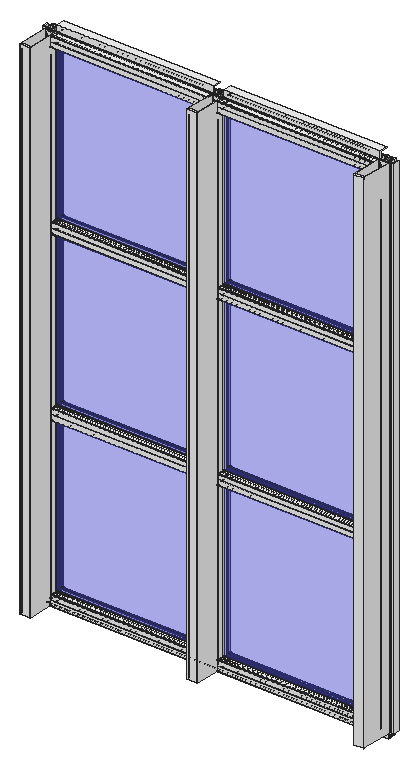
Revit family "Facade_60_Curtain_Wall_E23_Custom", category Windows, host Wall, Revit 2014
Parameters (values of type "F60-E23-Custom")
  Windload Design [instance] = if(Custom Windload < 1001 mm, 1000 mm, if(Custom Windload < 1501 mm, 1500 mm, 2000 mm))  # 1000 mm
  Width [instance] = if(Custom Curtain Wall Width < Limit Door Width Min, Limit Door Width Min, if(Custom Curtain Wall Width > Limit Door Width Max, Limit Door Width Max, Custom Curtain Wall Width))  # 2000 mm
  Wall Thickness [instance] = 200 mm
  Vertical Profile Length [instance] = Height - Frame Bottom Gap  # 2970 mm
  URL = "http://www.crealco.co.za/crealco-products.php"
  Type Comments = ""
  Transom Vertical Spacing [instance] = (Height - Frame Bottom Gap - (4 mm * 60)) / 3  # 910 mm
  Top Transom Top Gap [instance] = Transom Vertical Spacing + 60 mm  # 970 mm
  Top Profile Overhang = 5.9 mm  # constant formula
  Thermal Resistance (R) [instance] = if(IGDB or SAGDB Number = 100100, 1.0000 (m²·K)/W / Intruderprufe U Value, if(IGDB or SAGDB Number = 100100, 1.0000 (m²·K)/W / Intruderprufe U Value, if(IGDB or SAGDB Number = 105003, 1.0000 (m²·K)/W / Intruderprufe Insulated U Value, if(IGDB or SAGDB Number = 105004, 1.0000 (m²·K)/W / Intruderprufe Insulated LowE U Value, 1.0000 (m²·K)/W / 7.9)))) * 1  # 0.126582 (m²·K)/W
  Thermal Break Material = Plastic, Opaque Black
  Solar Heat Gain Coefficient [instance] = if(IGDB or SAGDB Number = 100100, Intruderprufe SHGC Value, if(IGDB or SAGDB Number = 103200, Intruderprufe LowE SHGC Value, if(IGDB or SAGDB Number = 105003, Intruderprufe Insulated SHGC Value, if(IGDB or SAGDB Number = 105004, Intruderprufe Insulated LowE SHGC Value, 0))))  # 0
  Single Glazing [instance] = if(DG Forced, 1 = 0, not(Double Glazing))  # no
  Sill Height = 85 mm  # constant formula
  SG Forced [instance] = not(DG Forced)  # no
  Quarter Expansion Break = yes
  Overall Width [instance] = 2000 mm
  Overall Height [instance] = 3000 mm
  Mullion Side Gap [instance] = (Width / 2) - 30 mm  # 970 mm
  Mullion Configuration [instance] = if(Windload Design = 1000 mm, if(not(Height > 2490 mm), 1 mm, if(and(not(Height > 4990 mm), not(Width > 1790 mm)), 2 mm, 3 mm)), if(Windload Design = 1500 mm, if(Height > 2490 mm, 3 mm, if(Width > 2990 mm, 2 mm, 1 mm)), if(Height > 2490 mm, 3 mm, if(Width > 1790 mm, 2 mm, 1 mm))))  # 3 mm
  Model = "Facade 60"
  Half Expansion Break = no
  Bottom Transom Bottom Gap [instance] = Transom Vertical Spacing + 30 mm + 60 mm  # 1000 mm
  Mid Glazing Bottom Gap [instance] = Frame Bottom Gap + 60 mm + Transom Vertical Spacing + 39.8 mm  # 1039.8 mm
  Max System DG Unit Thickness = 25 mm  # constant formula
  Max System DG One Piece Thickness [instance] = rounddown((Max System DG Unit Thickness - DG Gasket Thickness) / 2 mm) * 1 mm  # 6 mm
  Max Pane Area [instance] = Glazing Width * Glazing Height  # 0.90326 m²
  Manufacturer = "Crealco"
  Limit Door Width Min = (2 * Limit Panel Width Min) + (2 * Glazing Side Gap) + 19.6 mm  # 699.2 mm
  Limit Door Width Max = (2 * Limit Panel Width Max) + (2 * Glazing Side Gap) + 19.6 mm  # 6099.2 mm
  Limit Door Height Min = (3 * Limit Panel Height Min) + 69.8 mm + (2 mm * 19.6) + 39.8 mm  # 1048.8 mm
  Limit Door Height Max = (3 * Limit Panel Height Max) + 69.8 mm + (2 mm * 19.6) + 39.8 mm  # 18148.8 mm
  Limit Panel Width Min = 300 mm  # constant formula
  Limit Panel Width Max = 3000 mm  # constant formula
  Limit Panel Height Min = 300 mm  # constant formula
  Limit Panel Height Max = 6000 mm  # constant formula
  Sill Length [instance] = Width  # 2000 mm
  Length Sill [instance] = Width  # 2000 mm
  Keynote = ""
  Jamb Width = 60 mm  # constant formula
  Intruderprufe U Value = 0
  Intruderprufe SHGC Value = 0
  Intruderprufe LowE U Value = 0
  Intruderprufe LowE SHGC Value = 0
  Intruderprufe Insulated U Value = 0
  Intruderprufe Insulated SHGC Value = 0
  Intruderprufe Insulated LowE U Value = 0
  Intruderprufe Insulated LowE SHGC Value = 0
  Horizontal Profile Length [instance] = (Width - (2 * Jamb Width) - 60 mm) / 2  # 910 mm
  Glazing Width [instance] = Horizontal Profile Length + (2 mm * 20.2)  # 950.4 mm
  Glazing Top Gap = 39.8 mm  # constant formula
  Glazing Side Gap = 39.8 mm  # constant formula
  Glazing Height [instance] = (Height - Glazing Top Gap - Glazing Bottom Gap - (2 * (60 mm - 20.2 mm - 20.2 mm))) / 3  # 950.4 mm
  Glazing Gap SG [instance] = (14 mm - SG Thickness) / 2  # 5 mm
  Glazing Gap DG [instance] = (28 mm - (DG Thickness + DG Thickness + DG Gasket Thickness)) / 2  # 4 mm
  Glazing Bottom Gap = 69.8 mm  # constant formula
  Frame Thickness = 101.8 mm  # constant formula
  Frame Bottom Gap = 30 mm  # constant formula
  Door Leaf Height [instance] = 2050 mm
  Double Glazing [instance] = yes
  DG Thickness Calc [instance] = if(not(Max Pane Area > 1.125 m²), 4 mm, if(not(Max Pane Area > 2.25 m²), 4 mm, if(not(Max Pane Area > 3.15 m²), 5 mm, if(not(Max Pane Area > 4.35 m²), 6 mm, if(not(Max Pane Area > 6.45 m²), 8 mm, 10 mm)))))  # 4 mm
  DG Thickness [instance] = if(IGDB or SAGDB Number = 105003, 6 mm, if(IGDB or SAGDB Number = 105004, 7 mm, if(DG Thickness Calc > Max System DG One Piece Thickness, Max System DG One Piece Thickness, DG Thickness Calc)))  # 4 mm
  DG Gasket Thickness = 12 mm  # constant formula
  DG Gasket Finish [instance] = Double Glazing Gasket Material
  DG Forced [instance] = if(IGDB or SAGDB Number = 100100, 1 = 0, if(IGDB or SAGDB Number = 103200, 1 = 0, if(IGDB or SAGDB Number = 105003, 1 = 1, if(IGDB or SAGDB Number = 105004, 1 = 1, Double Glazing))))  # yes
  IGDB or SAGDB Number [instance] = 0
  Height [instance] = if(Custom Curtain Wall Height < Limit Door Height Min, Limit Door Height Min, if(Custom Curtain Wall Height > Limit Door Height Max, Limit Door Height Max, Custom Curtain Wall Height))  # 3000 mm
  Heat Transfer Coefficient (U) [instance] = if(IGDB or SAGDB Number = 100100, Intruderprufe U Value, if(IGDB or SAGDB Number = 103200, Intruderprufe LowE U Value, if(IGDB or SAGDB Number = 105003, Intruderprufe Insulated U Value, if(IGDB or SAGDB Number = 105004, Intruderprufe Insulated LowE U Value, 7.9)))) * 1.0000 W/(m²·K)  # 7.9000 W/(m²·K)
  SG Thickness [instance] = if(IGDB or SAGDB Number = 100100, 6 mm, if(IGDB or SAGDB Number = 103200, 7 mm, if(not(Max Pane Area > 0.75 m²), 4 mm, if(not(Max Pane Area > 1.50 m²), 4 mm, if(not(Max Pane Area > 2.10 m²), 5 mm, if(not(Max Pane Area > 2.90 m²), 6.4 mm, if(not(Max Pane Area > 4.30 m²), 8 mm, 10 mm)))))))  # 4 mm
  Glazing Material [instance] = if(IGDB or SAGDB Number = 100100, "PFG INTRUDERPRUFE 6.38mm", if(IGDB or SAGDB Number = 103200, "PFG INTRUDERPRUFE LOW-E 7.38mm", if(IGDB or SAGDB Number = 105003, "PFG 25mm INTRUDERPRUFE INSULATED GLASS", if(IGDB or SAGDB Number = 105004, "PFG 25mm INTRUDERPRUFE INSULATED GLASS LOW-E", "Unknown"))))  # "Unknown"
  Glazing Finish [instance] = Glass
  Glazing Code [instance] = if(IGDB or SAGDB Number = 100100, "LAM01", if(IGDB or SAGDB Number = 103200, "LAM01E", if(IGDB or SAGDB Number = 105003, "IGU25", if(IGDB or SAGDB Number = 105004, "IGU25E", "Unknown"))))  # "Unknown"
  Frame Offset From Exterior [instance] = if(Centered In Wall, (Wall Thickness - Frame Thickness) / 2, Custom Offset From Exterior) + 5.9 mm  # 55 mm
  Description = "Curtain Wall, E23"
  Default Sill Height = 0 mm
  Wall Closure = By host
  Custom Curtain Wall Width [instance] = 2000 mm
  Custom Curtain Wall Height [instance] = 3000 mm
  Custom Windload [instance] = 1000 mm
  Custom Offset From Exterior [instance] = 0 mm
  Centered In Wall [instance] = yes
  Aluminium Finish [instance] = White Powder Coated Aluminium ANP 1052
  All Available Glazing Numbers [instance] = "The rows below list the available glazing materials for this window:"  # constant formula
  190mm Mullion [instance] = if(Mullion Configuration = 3 mm, 1 = 1, 1 = 0)  # yes
  160mm Mullion [instance] = if(Mullion Configuration = 2 mm, 1 = 1, 1 = 0)  # no
  105004 [instance] = "IGU25E"  # constant formula
  105003 [instance] = "IGU25"  # constant formula
  103200 [instance] = "LAM01E"  # constant formula
  100mm Mullion [instance] = if(or(Mullion Configuration = 2 mm, Mullion Configuration = 3 mm), 1 = 0, 1 = 1)  # no
  100100 [instance] = "LAM01"  # constant formula
Reference planes
  plane 1 "Center (Front/Back)": y = 0
  plane 2 "Center (Left/Right)": x = 0
  plane 3 "Left": x = -1000
  plane 4 "Right": x = 1000
  plane 5 "Sill": z = 0
  plane 6 "Head": z = 3000
  plane 7 "Exterior": y = 100
  plane 8 "Interior": y = -100
Lines and regions (mm)
  Opening 1
    outline origin (3507.082, -100, 0) x (1, 0, 0) y (0, 0, 1)
      loop
        line (-2507.082, 0) -> (-2507.082, 3000) -> (-4507.082, 3000) -> (-4507.082, 0) -> (-2507.082, 0)
Text (mm)
  text "EXTERIOR" at (-1963.203, 1332.353, 0), in view "Ref. Level"
  text "INTERIOR" at (-1981.466, -818.386, 0), in view "Ref. Level"
  text "Exterior" at (0, 923.751, 2943.296), in view "Right"
  text "Exterior" at (0, 1040.484, 2685.409), in view "Left"
Dimensions and locks
  equal spacing: plane 3 "Left", plane 2 "Center (Left/Right)", plane 4 "Right"
  "Width": plane 3 "Left" to plane 4 "Right"
  "Height": plane 5 "Sill" to plane 6 "Head"
  "Default Sill Height": plane 5 "Sill" to level
  locked: plane 7 "Exterior" to host wall at 0
  locked: plane 8 "Interior" to host wall
  "Overall Height": plane 6 "Head" to plane 5 "Sill"
  "Overall Width": plane 3 "Left" to plane 4 "Right"
  "Wall Thickness": host wall to host wall
  "Jamb Width": nested 3 to plane 4 "Right"
  "Jamb Width": nested 5 to plane 4 "Right"
  "Frame Bottom Gap": nested 5 to level
  "Frame Offset From Exterior": nested 1 to plane 7 "Exterior"
  "Glazing Side Gap": nested 6 to plane 4 "Right"
  "Glazing Top Gap": nested 6 to plane 6 "Head"
  "Glazing Gap SG": nested 6 to nested 1
  "Glazing Side Gap": nested 7 to plane 4 "Right"
  "Glazing Top Gap": nested 7 to plane 6 "Head"
  "Glazing Gap DG": nested 7 to nested 1
  "Mullion Side Gap": nested 8 to plane 4 "Right"
  "Frame Bottom Gap": nested 8 to level
  "Jamb Width": plane 3 "Left" to nested 10
  "Jamb Width": plane 3 "Left" to nested 9
  "Glazing Side Gap": plane 3 "Left" to nested 11
  "Glazing Side Gap": plane 3 "Left" to nested 12
  "Glazing Gap SG": nested 2 to nested 12
  "Glazing Gap DG": nested 2 to nested 11
  "Glazing Bottom Gap": nested 11 to level
  "Glazing Bottom Gap": nested 12 to level
  "Frame Bottom Gap": nested 9 to level
  "Bottom Transom Bottom Gap": nested 13 to level
  "Jamb Width": plane 3 "Left" to nested 13
  "Jamb Width": nested 14 to plane 4 "Right"
  "Glazing Bottom Gap": nested 15 to level
  "Glazing Bottom Gap": nested 16 to level
  "Glazing Top Gap": nested 17 to plane 6 "Head"
  "Glazing Top Gap": nested 18 to plane 6 "Head"
  "Glazing Side Gap": plane 3 "Left" to nested 18
  "Glazing Side Gap": plane 3 "Left" to nested 17
  "Glazing Side Gap": nested 15 to plane 4 "Right"
  "Glazing Side Gap": nested 16 to plane 4 "Right"
  "Glazing Gap SG": nested 16 to nested 1
  "Glazing Gap DG": nested 15 to nested 1
  "Glazing Gap SG": nested 2 to nested 18
  "Glazing Gap DG": nested 2 to nested 17
  "Jamb Width": nested 19 to plane 4 "Right"
  "Jamb Width": plane 3 "Left" to nested 20
  "Mid Glazing Bottom Gap": nested 22 to level
  "Mid Glazing Bottom Gap": nested 24 to level
  "Mid Glazing Bottom Gap": nested 21 to level
  "Mid Glazing Bottom Gap": nested 23 to level
  "Glazing Side Gap": plane 3 "Left" to nested 23
  "Glazing Side Gap": plane 3 "Left" to nested 21
  "Glazing Side Gap": nested 24 to plane 4 "Right"
  "Glazing Side Gap": nested 22 to plane 4 "Right"
  "Glazing Gap DG": nested 2 to nested 21
  "Glazing Gap SG": nested 2 to nested 23
  "Glazing Gap DG": nested 22 to nested 1
  "Glazing Gap SG": nested 24 to nested 1
  "Bottom Transom Bottom Gap": nested 14 to level
  "Top Transom Top Gap": nested 19 to plane 6 "Head"
  "Top Transom Top Gap": nested 20 to plane 6 "Head"
  aligned and locked: plane 4 "Right" to nested 1
  aligned and locked: nested 1 to plane 6 "Head"
  aligned and locked: plane 3 "Left" to nested 2
  aligned and locked: plane 6 "Head" to nested 2
  aligned and locked: nested 3 to plane 6 "Head"
  aligned and locked: nested 4 to level
  aligned and locked: plane 4 "Right" to nested 4
  aligned and locked: nested 1 to nested 2
  aligned and locked: nested 5 to nested 4
  aligned and locked: nested 8 to nested 2
  aligned and locked: nested 10 to plane 6 "Head"
  aligned and locked: nested 5 to nested 10
  aligned and locked: nested 5 to nested 9
  aligned and locked: nested 10 to nested 3
  aligned and locked: nested 10 to nested 2
  aligned and locked: nested 13 to nested 10
  aligned and locked: nested 14 to nested 3
  aligned and locked: nested 20 to nested 10
  aligned and locked: nested 19 to nested 3
Automatic sketch dimensions
  plane 3 "Left" to Opening 1 sketch curve = 0 mm
  plane 4 "Right" to Opening 1 sketch curve = 0 mm
  Opening 1 sketch curve to plane 5 "Sill" = 0 mm
  Opening 1 sketch curve to plane 6 "Head" = 0 mm
Nested families
  nested 1: "F60 Vertical Profile Side_E23_Cust" at (1000, -1.058, 30) x (-1, 0, 0) z (0, 0, 1), Thermal Break Material <- "Thermal Break Material", Profile Material <- "Aluminium Finish", Length <- "Vertical Profile Length", Single Glazing <- "SG Forced", Double Glazing <- "DG Forced", 100mm Mullion <- "100mm Mullion", 160mm Mullion <- "160mm Mullion", 190mm Mullion <- "190mm Mullion", Quarter Expansion Break <- "Quarter Expansion Break", Half Expansion Break <- "Half Expansion Break", type "F60 Vertical Profile Side_E23_Cust"
    with Thermal Break Material Plastic, Opaque Black, Single Glazing no, Quarter SG Expansion Break no, Quarter Length 742.5 mm, Quarter Expansion Break yes, Quarter DG Expansion Break yes, Quarter 190mm Expansion Break yes, Quarter 160mm Expansion Break no, Quarter 100mm Expansion Break no, Profile Material White Powder Coated Aluminium ANP 1052, Length 2970 mm, Half SG Expansion Break no, Half Length 1485 mm, Half Expansion Break no, Half DG Expansion Break no, Half 190mm Expansion Joint no, Half 160mm Expansion Break no, Half 100mm Expansion Break no, Double Glazing yes, 190mm Mullion yes, 160mm Mullion no, 100mm Mullion no
  nested 2: "F60 Vertical Profile Side_E23_Cust" at (-1000, -1.058, 30), Thermal Break Material <- "Thermal Break Material", Profile Material <- "Aluminium Finish", Length <- "Vertical Profile Length", Single Glazing <- "SG Forced", Double Glazing <- "DG Forced", 100mm Mullion <- "100mm Mullion", 160mm Mullion <- "160mm Mullion", 190mm Mullion <- "190mm Mullion", Quarter Expansion Break <- "Quarter Expansion Break", Half Expansion Break <- "Half Expansion Break", type "F60 Vertical Profile Side_E23_Cust"
    with Thermal Break Material Plastic, Opaque Black, Single Glazing no, Quarter SG Expansion Break no, Quarter Length 742.5 mm, Quarter Expansion Break yes, Quarter DG Expansion Break yes, Quarter 190mm Expansion Break yes, Quarter 160mm Expansion Break no, Quarter 100mm Expansion Break no, Profile Material White Powder Coated Aluminium ANP 1052, Length 2970 mm, Half SG Expansion Break no, Half Length 1485 mm, Half Expansion Break no, Half DG Expansion Break no, Half 190mm Expansion Joint no, Half 160mm Expansion Break no, Half 100mm Expansion Break no, Double Glazing yes, 190mm Mullion yes, 160mm Mullion no, 100mm Mullion no
  nested 3: "F60 Horizontal Profile Top_E23_Cust" at (940, -50.858, 2940) x (-1, 0, 0) z (0, 0, 1), Thermal Break Material <- "Thermal Break Material", Profile Material <- "Aluminium Finish", Length <- "Horizontal Profile Length", Single Glazing <- "SG Forced", Double Glazing <- "DG Forced", type "F60 Horizontal Profile Top_E23_Cust"
    with Thermal Break Material Plastic, Opaque Black, Single Glazing no, Profile Material White Powder Coated Aluminium ANP 1052, Length 910 mm, Double Glazing yes
  nested 4: "F60 Sill_E23_Cust" at (1000, -13.486, -1.88) x (-1, 0, 0) z (0, 0, 1), Profile Material <- "Aluminium Finish", Length Sill <- "Length Sill", type "F60 Sill_E23_Cust"
    with Profile Material White Powder Coated Aluminium ANP 1052, Length Sill 2000 mm
  nested 5: "F60 Horizontal Profile Bottom_E23_Cust" at (940, -50.858, 30) x (-1, 0, 0) z (0, 0, 1), Thermal Break Material <- "Thermal Break Material", Profile Material <- "Aluminium Finish", Length <- "Horizontal Profile Length", Single Glazing <- "SG Forced", Double Glazing <- "DG Forced", type "F60 Horizontal Profile Bottom_E23_Cust"
    with Thermal Break Material Plastic, Opaque Black, Single Glazing no, Profile Material White Powder Coated Aluminium ANP 1052, Length 910 mm, Double Glazing yes
  nested 6: "F60_Single_Glazing_E23_Cust" at (960.2, 7.942, 2009.8), Glazing Width <- "Glazing Width", Glazing Height <- "Glazing Height", SG Thickness <- "SG Thickness", Glazing Finish <- "Glazing Finish", visible <- "SG Forced", type "F60_Single_Glazing_E23_Cust"
    with SG Thickness 4 mm, Glazing Width 950.4 mm, Glazing Height 950.4 mm, Glazing Finish Glass
  nested 7: "F60_Double_Glazing_E23_Cust" at (960.2, 22.942, 2009.8), Glazing Material <- "Glazing Finish", Double Glazing Gasket Material <- "DG Gasket Finish", Glazing Width <- "Glazing Width", Glazing Height <- "Glazing Height", Glazing Thickness DG <- "DG Thickness", Double Glazing Gasket Thickness <- "DG Gasket Thickness", visible <- "DG Forced", type "F60_Double_Glazing_E23_Cust"
    with Glazing Width 950.4 mm, Glazing Thickness DG 4 mm, Glazing Material Glass, Glazing Height 950.4 mm, Double Glazing Gasket Thickness 12 mm, Double Glazing Gasket Material Double Glazing Gasket Material
  nested 8: "F60 Vertical Profile Middle_E23_Cust" at (30, -1.058, 30) x (-1, 0, 0) z (0, 0, 1), Thermal Break Material <- "Thermal Break Material", Profile Material <- "Aluminium Finish", Single Glazing <- "SG Forced", Double Glazing <- "DG Forced", 190mm Mullion <- "190mm Mullion", 160mm Mullion <- "160mm Mullion", 100mm Mullion <- "100mm Mullion", Length <- "Vertical Profile Length", Half Expansion Break <- "Half Expansion Break", Quarter Expansion Break <- "Quarter Expansion Break", type "F60 Vertical Profile Middle_E23_Cust"
    with Thermal Break Material Plastic, Opaque Black, Single Glazing no, Quarter SG Expansion Break no, Quarter Length 742.5 mm, Quarter Expansion Break yes, Quarter DG Expansion Break yes, Quarter 190mm Expansion Break yes, Quarter 160mm Expansion Break no, Quarter 100mm Expansion Break no, Profile Material White Powder Coated Aluminium ANP 1052, Length 2970 mm, Half SG Expansion Break no, Half Length 1485 mm, Half Expansion Break no, Half DG Expansion Break no, Half 190mm Expansion Joint no, Half 160mm Expansion Break no, Half 100mm Expansion Break no, Double Glazing yes, 190mm Mullion yes, 160mm Mullion no, 100mm Mullion no
  nested 9: "F60 Horizontal Profile Bottom_E23_Cust" at (-30, -50.858, 30) x (-1, 0, 0) z (0, 0, 1), Thermal Break Material <- "Thermal Break Material", Profile Material <- "Aluminium Finish", Length <- "Horizontal Profile Length", Single Glazing <- "SG Forced", Double Glazing <- "DG Forced", type "F60 Horizontal Profile Bottom_E23_Cust"
    with Thermal Break Material Plastic, Opaque Black, Single Glazing no, Profile Material White Powder Coated Aluminium ANP 1052, Length 910 mm, Double Glazing yes
  nested 10: "F60 Horizontal Profile Top_E23_Cust" at (-30, -50.858, 2940) x (-1, 0, 0) z (0, 0, 1), Thermal Break Material <- "Thermal Break Material", Profile Material <- "Aluminium Finish", Length <- "Horizontal Profile Length", Single Glazing <- "SG Forced", Double Glazing <- "DG Forced", type "F60 Horizontal Profile Top_E23_Cust"
    with Thermal Break Material Plastic, Opaque Black, Single Glazing no, Profile Material White Powder Coated Aluminium ANP 1052, Length 910 mm, Double Glazing yes
  nested 11: "F60_Double_Glazing_E23_Cust" at (-9.8, 22.942, 69.8), Glazing Material <- "Glazing Finish", Double Glazing Gasket Material <- "DG Gasket Finish", Glazing Width <- "Glazing Width", Glazing Height <- "Glazing Height", Glazing Thickness DG <- "DG Thickness", Double Glazing Gasket Thickness <- "DG Gasket Thickness", visible <- "DG Forced", type "F60_Double_Glazing_E23_Cust"
    with Glazing Width 950.4 mm, Glazing Thickness DG 4 mm, Glazing Material Glass, Glazing Height 950.4 mm, Double Glazing Gasket Thickness 12 mm, Double Glazing Gasket Material Double Glazing Gasket Material
  nested 12: "F60_Single_Glazing_E23_Cust" at (-9.8, 7.942, 69.8), Glazing Width <- "Glazing Width", Glazing Height <- "Glazing Height", SG Thickness <- "SG Thickness", Glazing Finish <- "Glazing Finish", visible <- "SG Forced", type "F60_Single_Glazing_E23_Cust"
    with SG Thickness 4 mm, Glazing Width 950.4 mm, Glazing Height 950.4 mm, Glazing Finish Glass
  nested 13: "F60 Horizontal Profile Middle_E23_Cust" at (-30, -50.858, 1000) x (-1, 0, 0) z (0, 0, 1), Thermal Break Material <- "Thermal Break Material", Profile Material <- "Aluminium Finish", Length <- "Horizontal Profile Length", Single Glazing <- "SG Forced", Double Glazing <- "DG Forced", type "F60 Horizontal Profile Middle_E23_Cust"
    with Thermal Break Material Plastic, Opaque Black, Single Glazing no, Profile Material White Powder Coated Aluminium ANP 1052, Length 910 mm, Double Glazing yes
  nested 14: "F60 Horizontal Profile Middle_E23_Cust" at (940, -50.858, 1000) x (-1, 0, 0) z (0, 0, 1), Thermal Break Material <- "Thermal Break Material", Profile Material <- "Aluminium Finish", Length <- "Horizontal Profile Length", Single Glazing <- "SG Forced", Double Glazing <- "DG Forced", type "F60 Horizontal Profile Middle_E23_Cust"
    with Thermal Break Material Plastic, Opaque Black, Single Glazing no, Profile Material White Powder Coated Aluminium ANP 1052, Length 910 mm, Double Glazing yes
  nested 15: "F60_Double_Glazing_E23_Cust" at (960.2, 22.942, 69.8), Glazing Material <- "Glazing Finish", Double Glazing Gasket Material <- "DG Gasket Finish", Glazing Width <- "Glazing Width", Glazing Height <- "Glazing Height", Glazing Thickness DG <- "DG Thickness", Double Glazing Gasket Thickness <- "DG Gasket Thickness", visible <- "DG Forced", type "F60_Double_Glazing_E23_Cust"
    with Glazing Width 950.4 mm, Glazing Thickness DG 4 mm, Glazing Material Glass, Glazing Height 950.4 mm, Double Glazing Gasket Thickness 12 mm, Double Glazing Gasket Material Double Glazing Gasket Material
  nested 16: "F60_Single_Glazing_E23_Cust" at (960.2, 7.942, 69.8), Glazing Width <- "Glazing Width", Glazing Height <- "Glazing Height", SG Thickness <- "SG Thickness", Glazing Finish <- "Glazing Finish", visible <- "SG Forced", type "F60_Single_Glazing_E23_Cust"
    with SG Thickness 4 mm, Glazing Width 950.4 mm, Glazing Height 950.4 mm, Glazing Finish Glass
  nested 17: "F60_Double_Glazing_E23_Cust" at (-9.8, 22.942, 2009.8), Glazing Material <- "Glazing Finish", Double Glazing Gasket Material <- "DG Gasket Finish", Glazing Width <- "Glazing Width", Glazing Height <- "Glazing Height", Glazing Thickness DG <- "DG Thickness", Double Glazing Gasket Thickness <- "DG Gasket Thickness", visible <- "DG Forced", type "F60_Double_Glazing_E23_Cust"
    with Glazing Width 950.4 mm, Glazing Thickness DG 4 mm, Glazing Material Glass, Glazing Height 950.4 mm, Double Glazing Gasket Thickness 12 mm, Double Glazing Gasket Material Double Glazing Gasket Material
  nested 18: "F60_Single_Glazing_E23_Cust" at (-9.8, 7.942, 2009.8), Glazing Width <- "Glazing Width", Glazing Height <- "Glazing Height", SG Thickness <- "SG Thickness", Glazing Finish <- "Glazing Finish", visible <- "SG Forced", type "F60_Single_Glazing_E23_Cust"
    with SG Thickness 4 mm, Glazing Width 950.4 mm, Glazing Height 950.4 mm, Glazing Finish Glass
  nested 19: "F60 Horizontal Profile Middle_E23_Cust" at (940, -50.858, 1970) x (-1, 0, 0) z (0, 0, 1), Thermal Break Material <- "Thermal Break Material", Profile Material <- "Aluminium Finish", Length <- "Horizontal Profile Length", Single Glazing <- "SG Forced", Double Glazing <- "DG Forced", type "F60 Horizontal Profile Middle_E23_Cust"
    with Thermal Break Material Plastic, Opaque Black, Single Glazing no, Profile Material White Powder Coated Aluminium ANP 1052, Length 910 mm, Double Glazing yes
  nested 20: "F60 Horizontal Profile Middle_E23_Cust" at (-30, -50.858, 1970) x (-1, 0, 0) z (0, 0, 1), Thermal Break Material <- "Thermal Break Material", Profile Material <- "Aluminium Finish", Length <- "Horizontal Profile Length", Single Glazing <- "SG Forced", Double Glazing <- "DG Forced", type "F60 Horizontal Profile Middle_E23_Cust"
    with Thermal Break Material Plastic, Opaque Black, Single Glazing no, Profile Material White Powder Coated Aluminium ANP 1052, Length 910 mm, Double Glazing yes
  nested 21: "F60_Double_Glazing_E23_Cust" at (-9.8, 22.942, 1039.8), Glazing Material <- "Glazing Finish", Double Glazing Gasket Material <- "DG Gasket Finish", Glazing Width <- "Glazing Width", Glazing Height <- "Glazing Height", Glazing Thickness DG <- "DG Thickness", Double Glazing Gasket Thickness <- "DG Gasket Thickness", visible <- "DG Forced", type "F60_Double_Glazing_E23_Cust"
    with Glazing Width 950.4 mm, Glazing Thickness DG 4 mm, Glazing Material Glass, Glazing Height 950.4 mm, Double Glazing Gasket Thickness 12 mm, Double Glazing Gasket Material Double Glazing Gasket Material
  nested 22: "F60_Double_Glazing_E23_Cust" at (960.2, 22.942, 1039.8), Glazing Material <- "Glazing Finish", Double Glazing Gasket Material <- "DG Gasket Finish", Glazing Width <- "Glazing Width", Glazing Height <- "Glazing Height", Glazing Thickness DG <- "DG Thickness", Double Glazing Gasket Thickness <- "DG Gasket Thickness", visible <- "DG Forced", type "F60_Double_Glazing_E23_Cust"
    with Glazing Width 950.4 mm, Glazing Thickness DG 4 mm, Glazing Material Glass, Glazing Height 950.4 mm, Double Glazing Gasket Thickness 12 mm, Double Glazing Gasket Material Double Glazing Gasket Material
  nested 23: "F60_Single_Glazing_E23_Cust" at (-9.8, 7.942, 1039.8), Glazing Width <- "Glazing Width", Glazing Height <- "Glazing Height", SG Thickness <- "SG Thickness", Glazing Finish <- "Glazing Finish", visible <- "SG Forced", type "F60_Single_Glazing_E23_Cust"
    with SG Thickness 4 mm, Glazing Width 950.4 mm, Glazing Height 950.4 mm, Glazing Finish Glass
  nested 24: "F60_Single_Glazing_E23_Cust" at (960.2, 7.942, 1039.8), Glazing Width <- "Glazing Width", Glazing Height <- "Glazing Height", SG Thickness <- "SG Thickness", Glazing Finish <- "Glazing Finish", visible <- "SG Forced", type "F60_Single_Glazing_E23_Cust"
    with SG Thickness 4 mm, Glazing Width 950.4 mm, Glazing Height 950.4 mm, Glazing Finish Glass
Definition of nested family "F60 Vertical Profile Side_E23_Cust"
  Parameters (values of type "F60 Vertical Profile Side")
    Quarter SG Expansion Break [instance] = if(and(Quarter Expansion Break, Single Glazing), 1 = 1, 1 = 0)  # yes
    Quarter Length [instance] = Length / 4  # 62.5 mm
    Thermal Break Material [instance] = none
    Single Glazing [instance] = yes
    Quarter Expansion Break [instance] = yes
    Quarter DG Expansion Break [instance] = if(and(Quarter Expansion Break, Double Glazing), 1 = 1, 1 = 0)  # yes
    Quarter 190mm Expansion Break [instance] = if(and(Quarter Expansion Break, [190mm Mullion]), 1 = 1, 1 = 0)  # yes
    Quarter 160mm Expansion Break [instance] = if(and(Quarter Expansion Break, [160mm Mullion]), 1 = 1, 1 = 0)  # yes
    Quarter 100mm Expansion Break [instance] = if(and(Quarter Expansion Break, [100mm Mullion]), 1 = 1, 1 = 0)  # yes
    Profile Material [instance] = none
    Length [instance] = 250 mm
    Half SG Expansion Break [instance] = if(and(Half Expansion Break, Single Glazing), 1 = 1, 1 = 0)  # yes
    Half Length [instance] = Length / 2  # 125 mm
    Half Expansion Break [instance] = yes
    Half DG Expansion Break [instance] = if(and(Half Expansion Break, Double Glazing), 1 = 1, 1 = 0)  # yes
    Half 190mm Expansion Joint [instance] = if(and(Half Expansion Break, [190mm Mullion]), 1 = 1, 1 = 0)  # yes
    Half 160mm Expansion Break [instance] = if(and(Half Expansion Break, [160mm Mullion]), 1 = 1, 1 = 0)  # yes
    Half 100mm Expansion Break [instance] = if(and(Half Expansion Break, [100mm Mullion]), 1 = 1, 1 = 0)  # yes
    Double Glazing [instance] = yes
    190mm Mullion [instance] = yes
    160mm Mullion [instance] = yes
    100mm Mullion [instance] = yes
  Reference planes
    plane 1 "Center (Front/Back)": y = 0
    plane 2: z = 0
    plane 3 "Center (Left/Right)": x = 0
  Forms (mm)
    Extrusion 1, solid, material <- "Profile Material"
      sketch origin (0, 0, 0) x (1, 0, 0) y (0, 1, 0)
        loop
          arc (25.249, -8.7) -> (25.484, -9.266) -> (26.049, -9.5) r 0.8
          line (26.049, -9.5) -> (27.1, -9.5) -> (27.1, 7) -> (32.902, 7) -> (32.902, -9.5) -> (33.951, -9.5)
          arc (33.951, -9.5) -> (34.516, -9.266) -> (34.751, -8.7) r 0.8
          line (34.751, -8.7) -> (34.751, 6.2)
          arc (34.751, 6.2) -> (34.985, 6.766) -> (35.551, 7) r 0.8
          line (35.551, 7) -> (52.1, 7) -> (52.1, 5.4) -> (50.55, 5.4) -> (50.55, 4.55)
          arc (50.55, 4.55) -> (50.726, 4.126) -> (51.15, 3.95) r 0.6
          line (51.15, 3.95) -> (52.1, 3.95) -> (52.1, 1)
          arc (52.1, 1) -> (51.6, 0.5) -> (52.1, 0) r 0.5
          line (52.1, 0) -> (54.45, 0) -> (54.45, 1.15) -> (53.3, 1.15) -> (53.3, 2.45) -> (58.8, 2.45) -> (58.8, 1.15) -> (57.65, 1.15) -> (57.65, 0) -> (59.5, 0)
          arc (59.5, 0) -> (59.854, 0.146) -> (60, 0.5) r 0.5
          line (60, 0.5) -> (60, 3.9) -> (53.55, 3.9) -> (53.55, 7.6)
          arc (53.55, 7.6) -> (53.316, 8.166) -> (52.75, 8.4) r 0.8
          line (52.75, 8.4) -> (30, 8.4) -> (7.25, 8.4)
          arc (7.25, 8.4) -> (6.684, 8.166) -> (6.45, 7.6) r 0.8
          line (6.45, 7.6) -> (6.45, 3.9) -> (0, 3.9) -> (0, 0.5)
          arc (0, 0.5) -> (0.146, 0.146) -> (0.5, 0) r 0.5
          line (0.5, 0) -> (2.35, 0) -> (2.35, 1.15) -> (1.2, 1.15) -> (1.2, 2.45) -> (6.7, 2.45) -> (6.7, 1.15) -> (5.55, 1.15) -> (5.55, 0) -> (7.9, 0)
          arc (7.9, 0) -> (8.4, 0.5) -> (7.9, 1) r 0.5
          line (7.9, 1) -> (7.9, 3.95) -> (8.85, 3.95)
          arc (8.85, 3.95) -> (9.274, 4.126) -> (9.45, 4.55) r 0.6
          line (9.45, 4.55) -> (9.45, 5.4) -> (7.9, 5.4) -> (7.9, 7) -> (24.449, 7)
          arc (24.449, 7) -> (25.015, 6.766) -> (25.249, 6.2) r 0.8
          line (25.249, 6.2) -> (25.249, -8.7)
      from 0 to 250 <- "Length"
    Extrusion 2, solid, material <- "Thermal Break Material"
      sketch origin (0, 0, 0) x (1, 0, 0) y (0, 1, 0)
        loop
          line (1.75, 9.8) -> (1.75, 5.2) -> (0, 5.2) -> (0, 3.9) -> (6.35, 3.9) -> (6.35, 7.856)
          arc (6.35, 7.856) -> (6.526, 8.281) -> (6.95, 8.456) r 0.6
          line (6.95, 8.456) -> (30, 8.456) -> (53.05, 8.456)
          arc (53.05, 8.456) -> (53.474, 8.281) -> (53.65, 7.856) r 0.6
          line (53.65, 7.856) -> (53.65, 3.9) -> (60, 3.9) -> (60, 5.2) -> (58.25, 5.2) -> (58.25, 9.8) -> (30, 9.8) -> (1.75, 9.8)
      from 0 to 250 <- "Length"
    Extrusion 3, solid, material <- "Thermal Break Material", visible <- "Single Glazing"
      sketch origin (0, 0, 0) x (1, 0, 0) y (0, 1, 0)
        loop
          line (25.749, -14.011) -> (27.672, -14.011) -> (28.481, -12.611) -> (31.518, -12.611) -> (32.327, -14.011) -> (34.249, -14.011)
          arc (34.249, -14.011) -> (34.603, -13.864) -> (34.749, -13.511) r 0.5
          line (34.749, -13.511) -> (34.749, -10.011)
          arc (34.749, -10.011) -> (34.603, -9.657) -> (34.249, -9.511) r 0.5
          line (34.249, -9.511) -> (32.352, -9.511) -> (32.352, 0.19) -> (31.349, 2.261)
          arc (31.349, 2.261) -> (29.999, 2.986) -> (28.649, 2.261) r 1.62
          line (28.649, 2.261) -> (27.647, 0.19) -> (27.647, -9.511) -> (25.749, -9.511)
          arc (25.749, -9.511) -> (25.396, -9.657) -> (25.249, -10.011) r 0.5
          line (25.249, -10.011) -> (25.249, -13.511)
          arc (25.249, -13.511) -> (25.396, -13.864) -> (25.749, -14.011) r 0.5
        loop
          line (28.504, -10.005) -> (28.504, -10.861)
          arc (28.504, -10.861) -> (28.651, -11.214) -> (29.004, -11.361) r 0.5
          line (29.004, -11.361) -> (30.994, -11.361)
          arc (30.994, -11.361) -> (31.348, -11.214) -> (31.494, -10.861) r 0.5
          line (31.494, -10.861) -> (31.494, -10.005) -> (30.708, -9.219)
          arc (30.708, -9.219) -> (30.383, -9.001) -> (29.999, -8.924) r 1.007
          arc (29.999, -8.924) -> (29.616, -8.999) -> (29.292, -9.217) r 0.986
          line (29.292, -9.217) -> (28.504, -10.005)
        loop
          arc (30.896, 1.935) -> (29.887, 2.44) -> (29.005, 1.735) r 1.047
          line (29.005, 1.735) -> (28.347, 0.374) -> (28.347, -6.993)
          arc (28.347, -6.993) -> (28.583, -7.417) -> (29.068, -7.441) r 0.5
          arc (29.068, -7.441) -> (29.999, -7.223) -> (30.93, -7.441) r 2.099
          arc (30.93, -7.441) -> (31.416, -7.417) -> (31.652, -6.993) r 0.5
          line (31.652, -6.993) -> (31.652, 0.374) -> (30.896, 1.935)
      from 0 to 250 <- "Length"
    Extrusion 4, solid, material <- "Profile Material", visible <- "Single Glazing"
      sketch origin (0, 0, 0) x (1, 0, 0) y (0, 1, 0)
        loop
          line (52.693, -14.011) -> (32.327, -14.011) -> (31.519, -12.611) -> (28.481, -12.611) -> (27.673, -14.011) -> (7.307, -14.011) -> (7.307, -15.011) -> (8.457, -15.011) -> (8.457, -16.261) -> (2.957, -16.261) -> (2.957, -15.011) -> (4.107, -15.011) -> (4.107, -14.011) -> (1.707, -14.011)
          arc (1.707, -14.011) -> (1.199, -14.293) -> (1.168, -14.873) r 0.6
          line (1.168, -14.873) -> (2.093, -16.772) -> (1.015, -17.298) -> (1.484, -18.261) -> (11.488, -18.261)
          arc (11.488, -18.261) -> (11.913, -18.085) -> (12.088, -17.661) r 0.6
          line (12.088, -17.661) -> (12.088, -16.811) -> (47.912, -16.811) -> (47.912, -17.661)
          arc (47.912, -17.661) -> (48.088, -18.085) -> (48.512, -18.261) r 0.6
          line (48.512, -18.261) -> (58.518, -18.261) -> (58.987, -17.298) -> (57.908, -16.772) -> (58.834, -14.874)
          arc (58.834, -14.874) -> (58.802, -14.293) -> (58.293, -14.011) r 0.6
          line (58.293, -14.011) -> (55.893, -14.011) -> (55.893, -15.011) -> (57.043, -15.011) -> (57.043, -16.261) -> (51.543, -16.261) -> (51.543, -15.011) -> (52.693, -15.011) -> (52.693, -14.011)
      from 0 to 250 <- "Length"
    Extrusion 5, solid, material <- "Profile Material", visible <- "Single Glazing"
      sketch origin (0, 0, 0) x (1, 0, 0) y (0, 1, 0)
        loop
          line (2.801, -18.261) -> (1.484, -18.261) -> (1.015, -17.298) -> (2.093, -16.772) -> (0.779, -14.076)
          arc (0.779, -14.076) -> (0.239, -14.21) -> (0.001, -14.713) r 0.65
          line (0.001, -14.713) -> (0.001, -28.068)
          arc (0.001, -28.068) -> (1.172, -30.897) -> (4.001, -32.068) r 4
          line (4.001, -32.068) -> (30.001, -32.068) -> (56.001, -32.068)
          arc (56.001, -32.068) -> (58.829, -30.897) -> (60.001, -28.068) r 4
          line (60.001, -28.068) -> (60.001, -14.713)
          arc (60.001, -14.713) -> (59.763, -14.21) -> (59.223, -14.076) r 0.65
          line (59.223, -14.076) -> (57.908, -16.772) -> (58.987, -17.298) -> (58.518, -18.261) -> (57.201, -18.261)
          arc (57.201, -18.261) -> (56.83, -18.425) -> (56.703, -18.811) r 0.5
          arc (56.703, -18.811) -> (56.83, -19.196) -> (57.201, -19.361) r 0.5
          line (57.201, -19.361) -> (58.951, -19.361) -> (58.951, -27.968)
          arc (58.951, -27.968) -> (58.131, -29.948) -> (56.151, -30.768) r 2.8
          line (56.151, -30.768) -> (30.001, -30.768) -> (3.851, -30.768)
          arc (3.851, -30.768) -> (1.871, -29.948) -> (1.051, -27.968) r 2.8
          line (1.051, -27.968) -> (1.051, -19.361) -> (2.801, -19.361)
          arc (2.801, -19.361) -> (3.172, -19.196) -> (3.298, -18.811) r 0.5
          arc (3.298, -18.811) -> (3.172, -18.425) -> (2.801, -18.261) r 0.5
      from 0 to 250 <- "Length"
    Extrusion 6, solid, material <- "Profile Material", visible <- "100mm Mullion"
      sketch origin (0, 0, 0) x (1, 0, 0) y (0, 1, 0)
        loop
          line (14.02, 13) -> (45.98, 13)
          arc (45.98, 13) -> (46.539, 12.842) -> (46.917, 12.4) r 1
          arc (46.917, 12.4) -> (47.285, 11.963) -> (47.833, 11.8) r 1
          line (47.833, 11.8) -> (58.15, 11.8) -> (58.15, 96.3) -> (47.833, 96.3)
          arc (47.833, 96.3) -> (47.285, 96.137) -> (46.917, 95.7) r 1
          arc (46.917, 95.7) -> (46.548, 95.263) -> (46, 95.1) r 1
          line (46, 95.1) -> (14, 95.1)
          arc (14, 95.1) -> (13.452, 95.263) -> (13.083, 95.7) r 1
          arc (13.083, 95.7) -> (12.715, 96.137) -> (12.167, 96.3) r 1
          line (12.167, 96.3) -> (1.85, 96.3) -> (1.85, 11.8) -> (12.167, 11.8)
          arc (12.167, 11.8) -> (12.715, 11.963) -> (13.083, 12.4) r 1
          arc (13.083, 12.4) -> (13.461, 12.842) -> (14.02, 13) r 1
        loop
          line (1.65, 9.856) -> (58.35, 9.856) -> (58.35, 5.2) -> (60, 5.2) -> (60, 98.8)
          arc (60, 98.8) -> (59.707, 99.507) -> (59, 99.8) r 1
          line (59, 99.8) -> (1, 99.8)
          arc (1, 99.8) -> (0.293, 99.507) -> (0, 98.8) r 1
          line (0, 98.8) -> (0, 5.2) -> (1.65, 5.2) -> (1.65, 9.856)
      from 0 to 250 <- "Length"
    Extrusion 7, solid, material <- "Profile Material", visible <- "160mm Mullion"
      sketch origin (0, 0, 0) x (1, 0, 0) y (0, 1, 0)
        loop
          arc (2.35, 15.6) -> (2.526, 15.176) -> (2.95, 15) r 0.6
          line (2.95, 15) -> (57.05, 15)
          arc (57.05, 15) -> (57.474, 15.176) -> (57.65, 15.6) r 0.6
          line (57.65, 15.6) -> (57.65, 153.7)
          arc (57.65, 153.7) -> (57.474, 154.124) -> (57.05, 154.3) r 0.6
          line (57.05, 154.3) -> (47.833, 154.3)
          arc (47.833, 154.3) -> (47.285, 154.137) -> (46.917, 153.7) r 1
          arc (46.917, 153.7) -> (46.548, 153.263) -> (46, 153.1) r 1
          line (46, 153.1) -> (14, 153.1)
          arc (14, 153.1) -> (13.452, 153.263) -> (13.083, 153.7) r 1
          arc (13.083, 153.7) -> (12.715, 154.137) -> (12.167, 154.3) r 1
          line (12.167, 154.3) -> (2.95, 154.3)
          arc (2.95, 154.3) -> (2.526, 154.124) -> (2.35, 153.7) r 0.6
          line (2.35, 153.7) -> (2.35, 15.6)
        loop
          arc (1, 159.8) -> (0.293, 159.507) -> (0, 158.8) r 1
          line (0, 158.8) -> (0, 5.2) -> (1.65, 5.2) -> (1.65, 10.013) -> (58.35, 10.013) -> (58.35, 5.2) -> (60, 5.2) -> (60, 158.8)
          arc (60, 158.8) -> (59.707, 159.507) -> (59, 159.8) r 1
          line (59, 159.8) -> (1, 159.8)
      from 0 to 250 <- "Length"
    Extrusion 8, solid, material <- "Profile Material", visible <- "190mm Mullion"
      sketch origin (0, 0, 0) x (1, 0, 0) y (0, 1, 0)
        loop
          line (57.25, 15.1) -> (57.25, 178.3)
          arc (57.25, 178.3) -> (56.957, 179.007) -> (56.25, 179.3) r 1
          line (56.25, 179.3) -> (3.75, 179.3)
          arc (3.75, 179.3) -> (3.043, 179.007) -> (2.75, 178.3) r 1
          line (2.75, 178.3) -> (2.75, 15.1)
          arc (2.75, 15.1) -> (2.984, 14.534) -> (3.55, 14.3) r 0.8
          line (3.55, 14.3) -> (56.45, 14.3)
          arc (56.45, 14.3) -> (57.016, 14.534) -> (57.25, 15.1) r 0.8
        loop
          line (60, 5.2) -> (60, 188.8)
          arc (60, 188.8) -> (59.707, 189.507) -> (59, 189.8) r 1
          line (59, 189.8) -> (1, 189.8)
          arc (1, 189.8) -> (0.293, 189.507) -> (0, 188.8) r 1
          line (0, 188.8) -> (0, 5.2) -> (1.65, 5.2) -> (1.65, 9.856) -> (58.35, 9.856) -> (58.35, 5.2) -> (60, 5.2)
      from 0 to 250 <- "Length"
    Extrusion 9, solid, material <- "Thermal Break Material", visible <- "Double Glazing"
      sketch origin (0, 0, 0) x (1, 0, 0) y (0, 1, 0)
        loop
          line (27.672, -28) -> (28.48, -26.6) -> (31.518, -26.6) -> (32.326, -28) -> (34.249, -28)
          arc (34.249, -28) -> (34.603, -27.854) -> (34.749, -27.5) r 0.5
          line (34.749, -27.5) -> (34.749, -10)
          arc (34.749, -10) -> (34.603, -9.646) -> (34.249, -9.5) r 0.5
          line (34.249, -9.5) -> (32.352, -9.5) -> (32.352, 0.198) -> (31.348, 2.272)
          arc (31.348, 2.272) -> (29.998, 2.997) -> (28.648, 2.272) r 1.62
          line (28.648, 2.272) -> (27.645, 0.201) -> (27.645, -9.5) -> (25.749, -9.5)
          arc (25.749, -9.5) -> (25.396, -9.646) -> (25.249, -10) r 0.5
          line (25.249, -10) -> (25.249, -27.5)
          arc (25.249, -27.5) -> (25.396, -27.854) -> (25.749, -28) r 0.5
          line (25.749, -28) -> (27.672, -28)
        loop
          arc (30.706, -9.206) -> (30.382, -8.99) -> (29.999, -8.913) r 1.007
          arc (29.999, -8.913) -> (29.616, -8.988) -> (29.292, -9.206) r 0.986
          line (29.292, -9.206) -> (27.142, -11.356)
          arc (27.142, -11.356) -> (26.926, -11.68) -> (26.849, -12.063) r 1
          line (26.849, -12.063) -> (26.849, -24)
          arc (26.849, -24) -> (27.142, -24.707) -> (27.849, -25) r 1
          line (27.849, -25) -> (32.149, -25)
          arc (32.149, -25) -> (32.856, -24.707) -> (33.149, -24) r 1
          line (33.149, -24) -> (33.149, -12.063)
          arc (33.149, -12.063) -> (33.073, -11.68) -> (32.856, -11.356) r 1
          line (32.856, -11.356) -> (30.706, -9.206)
        loop
          arc (28.345, -6.982) -> (28.581, -7.407) -> (29.067, -7.43) r 0.5
          arc (29.067, -7.43) -> (29.998, -7.213) -> (30.929, -7.43) r 2.099
          arc (30.929, -7.43) -> (31.414, -7.407) -> (31.651, -6.982) r 0.5
          line (31.651, -6.982) -> (31.651, 0.385) -> (30.895, 1.946)
          arc (30.895, 1.946) -> (29.885, 2.45) -> (29.004, 1.745) r 1.047
          line (29.004, 1.745) -> (28.345, 0.385) -> (28.345, -6.982)
      from 0 to 250 <- "Length"
    Extrusion 10, solid, material <- "Profile Material", visible <- "Double Glazing"
      sketch origin (0, 0, 0) x (1, 0, 0) y (0, 1, 0)
        loop
          line (52.692, -28) -> (32.327, -28) -> (31.518, -26.6) -> (28.48, -26.6) -> (27.672, -28) -> (7.306, -28) -> (7.306, -29) -> (8.456, -29) -> (8.456, -30.25) -> (2.956, -30.25) -> (2.956, -29) -> (4.106, -29) -> (4.106, -28) -> (1.706, -28)
          arc (1.706, -28) -> (1.198, -28.282) -> (1.167, -28.863) r 0.6
          line (1.167, -28.863) -> (2.093, -30.762) -> (1.014, -31.288) -> (1.483, -32.25) -> (11.488, -32.25)
          arc (11.488, -32.25) -> (11.912, -32.074) -> (12.088, -31.65) r 0.6
          line (12.088, -31.65) -> (12.088, -30.8) -> (47.911, -30.8) -> (47.911, -31.65)
          arc (47.911, -31.65) -> (48.087, -32.074) -> (48.511, -32.25) r 0.6
          line (48.511, -32.25) -> (58.517, -32.25) -> (58.986, -31.288) -> (57.907, -30.762) -> (58.833, -28.864)
          arc (58.833, -28.864) -> (58.801, -28.282) -> (58.292, -28) r 0.6
          line (58.292, -28) -> (55.892, -28) -> (55.892, -29) -> (57.042, -29) -> (57.042, -30.25) -> (51.542, -30.25) -> (51.542, -29) -> (52.692, -29) -> (52.692, -28)
      from 0 to 250 <- "Length"
    Extrusion 11, solid, material <- "Profile Material", visible <- "Double Glazing"
      sketch origin (0, 0, 0) x (1, 0, 0) y (0, 1, 0)
        loop
          line (2.8, -32.25) -> (1.483, -32.25) -> (1.014, -31.288) -> (2.093, -30.762) -> (0.778, -28.065)
          arc (0.778, -28.065) -> (0.238, -28.2) -> (0, -28.702) r 0.65
          line (0, -28.702) -> (0, -42.058)
          arc (0, -42.058) -> (1.172, -44.886) -> (4, -46.058) r 4
          line (4, -46.058) -> (30, -46.058) -> (56, -46.058)
          arc (56, -46.058) -> (58.828, -44.886) -> (60, -42.058) r 4
          line (60, -42.058) -> (60, -28.702)
          arc (60, -28.702) -> (59.762, -28.2) -> (59.222, -28.065) r 0.65
          line (59.222, -28.065) -> (57.907, -30.762) -> (58.986, -31.288) -> (58.517, -32.25) -> (57.2, -32.25)
          arc (57.2, -32.25) -> (56.829, -32.415) -> (56.703, -32.8) r 0.5
          arc (56.703, -32.8) -> (56.829, -33.185) -> (57.2, -33.35) r 0.5
          line (57.2, -33.35) -> (58.95, -33.35) -> (58.95, -41.958)
          arc (58.95, -41.958) -> (58.13, -43.938) -> (56.15, -44.758) r 2.8
          line (56.15, -44.758) -> (30, -44.758) -> (3.85, -44.758)
          arc (3.85, -44.758) -> (1.87, -43.938) -> (1.05, -41.958) r 2.8
          line (1.05, -41.958) -> (1.05, -33.35) -> (2.8, -33.35)
          arc (2.8, -33.35) -> (3.171, -33.185) -> (3.297, -32.8) r 0.5
          arc (3.297, -32.8) -> (3.171, -32.415) -> (2.8, -32.25) r 0.5
      from 0 to 250 <- "Length"
    Extrusion 12, solid, material <- "Profile Material", visible <- "Single Glazing"
      sketch origin (0, 0, 0) x (1, 0, 0) y (0, 1, 0)
        loop
          line (10.403, -10.171) -> (10.403, -3.821) -> (-21.349, -3.821) -> (-21.349, -35.567) -> (-14.999, -35.567) -> (-14.999, -10.171) -> (10.403, -10.171)
      from 0 to 250 <- "Length"
    Extrusion 13, solid, material <- "Profile Material", visible <- "Double Glazing"
      sketch origin (0, 0, 0) x (1, 0, 0) y (0, 1, 0)
        loop
          line (10.402, -7.775) -> (10.402, -1.425) -> (-21.35, -1.425) -> (-21.35, -33.172) -> (-15, -33.172) -> (-15, -7.775) -> (10.402, -7.775)
      from 0 to 250 <- "Length"
    Extrusion 14, solid, material <- "Profile Material", visible <- "Double Glazing"
      sketch origin (0, 0, 0) x (1, 0, 0) y (0, 1, 0)
        loop
          line (12, -7.775) -> (0, -7.775) -> (0, -25.775) -> (12, -25.775) -> (12, -7.775)
        loop
          line (10.8, -8.975) -> (1.2, -8.975) -> (1.2, -24.575) -> (10.8, -24.575) -> (10.8, -8.975)
      from 0 to 250 <- "Length"
  Lines and regions (mm)
    model lines, style "GenericModelHiddenLines", visible <- "Half 100mm Expansion Break"
      curve 1: line (60, 5.2, 125) -> (60, 95.2, 125)
      curve 2: line (60, 99.8, 125) -> (0, 99.8, 125)
      curve 8: line (0, 5.2, 125) -> (0, 95.2, 125)
    model lines, style "GenericModelHiddenLines", visible <- "Quarter 100mm Expansion Break"
      curve 3: line (60, 5.2, 187.5) -> (60, 95.2, 187.5)
      curve 4: line (60, 5.2, 62.5) -> (60, 95.2, 62.5)
      curve 5: line (60, 99.8, 62.5) -> (0, 99.8, 62.5)
      curve 6: line (60, 99.8, 187.5) -> (0, 99.8, 187.5)
      curve 7: line (0, 5.2, 187.5) -> (0, 95.2, 187.5)
      curve 9: line (0, 5.2, 62.5) -> (0, 95.2, 62.5)
    model lines, style "GenericModelHiddenLines", visible <- "Half SG Expansion Break"
      curve 10: line (4.107, -32.068, 125) -> (55.893, -32.068, 125)
      curve 14: line (60.001, -14.011, 125) -> (60.001, -32.068, 125)
    model lines, style "GenericModelHiddenLines", visible <- "Quarter SG Expansion Break"
      curve 11: line (4.107, -32.068, 187.5) -> (56.703, -32.068, 187.5)
      curve 12: line (4.107, -32.068, 62.5) -> (56.703, -32.068, 62.5)
      curve 13: line (60.001, -14.011, 187.5) -> (60.001, -32.068, 187.5)
      curve 15: line (60.001, -14.011, 62.5) -> (60.001, -32.068, 62.5)
    model lines, style "GenericModelHiddenLines", visible <- "Quarter 160mm Expansion Break"
      curve 16: line (0, 5.2, 187.5) -> (0, 155.2, 187.5)
      curve 18: line (0, 5.2, 62.5) -> (0, 155.2, 62.5)
      curve 19: line (0, 159.8, 187.5) -> (60, 159.8, 187.5)
      curve 21: line (0, 159.8, 62.5) -> (60, 159.8, 62.5)
      curve 22: line (60, 5.2, 187.5) -> (60, 155.2, 187.5)
      curve 24: line (60, 5.2, 62.5) -> (60, 155.2, 62.5)
    model lines, style "GenericModelHiddenLines", visible <- "Half 160mm Expansion Break"
      curve 17: line (0, 5.2, 125) -> (0, 155.2, 125)
      curve 20: line (0, 159.8, 125) -> (60, 159.8, 125)
      curve 23: line (60, 5.2, 125) -> (60, 155.2, 125)
    model lines, style "GenericModelHiddenLines", visible <- "Quarter 190mm Expansion Break"
      curve 25: line (0, 5.2, 187.5) -> (0, 185.2, 187.5)
      curve 27: line (0, 5.2, 62.5) -> (0, 185.2, 62.5)
      curve 28: line (0.779, 189.8, 187.5) -> (59.222, 189.8, 187.5)
      curve 30: line (0.779, 189.8, 62.5) -> (59.222, 189.8, 62.5)
      curve 31: line (60, 5.2, 187.5) -> (60, 185.2, 187.5)
      curve 33: line (60, 5.2, 62.5) -> (60, 185.2, 62.5)
    model lines, style "GenericModelHiddenLines", visible <- "Half 190mm Expansion Joint"
      curve 26: line (0, 5.2, 125) -> (0, 185.2, 125)
      curve 29: line (0.779, 189.8, 125) -> (59.222, 189.8, 125)
      curve 32: line (60, 5.2, 125) -> (60, 185.2, 125)
    model lines, style "GenericModelHiddenLines", visible <- "Quarter DG Expansion Break"
      curve 34: line (60, -28.065, 187.5) -> (60, -46.074, 187.5)
      curve 36: line (60, -28.065, 62.5) -> (60, -46.027, 62.5)
      curve 37: line (59.222, -46.058, 187.5) -> (0.779, -46.058, 187.5)
      curve 39: line (59.222, -46.058, 62.5) -> (0.779, -46.058, 62.5)
    model lines, style "GenericModelHiddenLines", visible <- "Half DG Expansion Break"
      curve 35: line (60, -28.065, 125) -> (60, -46.074, 125)
      curve 38: line (59.222, -46.058, 125) -> (0.779, -46.058, 125)
  Dimensions and locks
    "Half Length": curve 1 to level
    "Half Length": level to curve 2
    "Quarter Length": curve 4 to level
    "Quarter Length": Extrusion 8 to curve 3
    "Quarter Length": level to curve 5
    "Quarter Length": curve 6 to Extrusion 6
    "Quarter Length": curve 9 to level
    "Half Length": curve 8 to level
    "Quarter Length": Extrusion 8 to curve 7
    "Quarter Length": curve 12 to level
    "Half Length": curve 10 to level
    "Quarter Length": Extrusion 5 to curve 11
    "Quarter Length": curve 15 to level
    "Half Length": curve 14 to level
    "Quarter Length": Extrusion 5 to curve 13
    "Quarter Length": Extrusion 7 to curve 18
    "Half Length": Extrusion 7 to curve 17
    "Quarter Length": Extrusion 7 to curve 16
    "Quarter Length": Extrusion 7 to curve 21
    "Quarter Length": curve 19 to Extrusion 7
    "Half Length": Extrusion 7 to curve 20
    "Quarter Length": Extrusion 7 to curve 24
    "Quarter Length": Extrusion 7 to curve 22
    "Half Length": Extrusion 7 to curve 23
    "Quarter Length": Extrusion 8 to curve 27
    "Quarter Length": Extrusion 8 to curve 25
    "Half Length": Extrusion 8 to curve 26
    "Quarter Length": Extrusion 8 to curve 30
    "Quarter Length": curve 28 to Extrusion 8
    "Half Length": Extrusion 8 to curve 29
    "Quarter Length": Extrusion 8 to curve 33
    "Quarter Length": Extrusion 8 to curve 31
    "Half Length": Extrusion 8 to curve 32
    "Quarter Length": Extrusion 11 to curve 36
    "Quarter Length": Extrusion 11 to curve 34
    "Half Length": Extrusion 11 to curve 35
    "Quarter Length": Extrusion 11 to curve 37
    "Quarter Length": curve 39 to Extrusion 11
    "Half Length": curve 38 to Extrusion 11
    aligned and locked: level to plane 2
  Automatic sketch dimensions
    Extrusion 1 sketch curve to plane 3 "Center (Left/Right)" = 0 mm
    plane 1 "Center (Front/Back)" to Extrusion 1 sketch curve = 0 mm  (x4)
    plane 3 "Center (Left/Right)" to Extrusion 1 sketch curve = 0.5 mm
    Extrusion 1 sketch curve to Extrusion 1 sketch curve = 0.7 mm  (x2)
    Extrusion 1 sketch curve to Extrusion 1 sketch curve = 1.15 mm  (x4)
    Extrusion 1 sketch curve to Extrusion 1 sketch curve = 3.2 mm  (x2)
    Extrusion 1 sketch curve to Extrusion 1 sketch curve = 0.9 mm
    Extrusion 1 sketch curve to Extrusion 1 sketch curve = 0.25 mm
    Extrusion 1 sketch curve to Extrusion 1 sketch curve = 0.8 mm  (x7)
    Extrusion 1 sketch curve to Extrusion 1 sketch curve = 1.45 mm  (x2)
    Extrusion 1 sketch curve to Extrusion 1 sketch curve = 0.65 mm  (x3)
    Extrusion 1 sketch curve to Extrusion 1 sketch curve = 0.95 mm  (x3)
    Extrusion 1 sketch curve to Extrusion 1 sketch curve = 0.6 mm  (x3)
    Extrusion 1 sketch curve to plane 1 "Center (Front/Back)" = 7 mm
    Extrusion 1 sketch curve to Extrusion 1 sketch curve = 14.999 mm  (x2)
    plane 1 "Center (Front/Back)" to Extrusion 1 sketch curve = 8.7 mm
    Extrusion 1 sketch curve to Extrusion 1 sketch curve = 1.85 mm
    Extrusion 1 sketch curve to Extrusion 1 sketch curve = 2.9 mm
    Extrusion 1 sketch curve to Extrusion 1 sketch curve = 5.802 mm
    Extrusion 1 sketch curve to Extrusion 1 sketch curve = 1.049 mm
    Extrusion 1 sketch curve to plane 1 "Center (Front/Back)" = 4.55 mm
    Extrusion 1 sketch curve to plane 1 "Center (Front/Back)" = 0.5 mm  (x3)
    Extrusion 1 sketch curve to Extrusion 1 sketch curve = 1.2 mm
    Extrusion 1 sketch curve to plane 1 "Center (Front/Back)" = 1.15 mm  (x2)
    Extrusion 1 sketch curve to Extrusion 1 sketch curve = 0 mm
    Extrusion 1 sketch curve to Extrusion 1 sketch curve = 1.3 mm  (x2)
    Extrusion 1 sketch curve to Extrusion 1 sketch curve = 0.05 mm  (x2)
    Extrusion 1 sketch curve to Extrusion 1 sketch curve = 0.85 mm  (x2)
    Extrusion 1 sketch curve to plane 1 "Center (Front/Back)" = 6.2 mm
    Extrusion 2 sketch curve to plane 3 "Center (Left/Right)" = 0 mm
    plane 3 "Center (Left/Right)" to Extrusion 2 sketch curve = 1.75 mm
    Extrusion 2 sketch curve to Extrusion 2 sketch curve = 4.6 mm  (x4)
    Extrusion 2 sketch curve to Extrusion 2 sketch curve = 0.6 mm  (x2)
    Extrusion 2 sketch curve to plane 1 "Center (Front/Back)" = 9.8 mm
    Extrusion 2 sketch curve to Extrusion 2 sketch curve = 23.05 mm  (x2)
    Extrusion 2 sketch curve to Extrusion 2 sketch curve = 0 mm
    Extrusion 2 sketch curve to plane 1 "Center (Front/Back)" = 8.456 mm
    Extrusion 2 sketch curve to Extrusion 2 sketch curve = 1.75 mm
    Extrusion 2 sketch curve to plane 1 "Center (Front/Back)" = 3.9 mm  (x2)
    plane 3 "Center (Left/Right)" to Extrusion 3 sketch curve = 25.249 mm
    Extrusion 3 sketch curve to Extrusion 3 sketch curve = 0.5 mm  (x6)
    Extrusion 3 sketch curve to plane 1 "Center (Front/Back)" = 0.19 mm  (x2)
    Extrusion 3 sketch curve to Extrusion 3 sketch curve = 1.897 mm  (x2)
    Extrusion 3 sketch curve to Extrusion 3 sketch curve = 1.922 mm  (x2)
    Extrusion 3 sketch curve to plane 1 "Center (Front/Back)" = 0.374 mm  (x2)
    Extrusion 3 sketch curve to Extrusion 3 sketch curve = 0.7 mm  (x2)
    plane 1 "Center (Front/Back)" to Extrusion 3 sketch curve = 12.611 mm
    Extrusion 3 sketch curve to Extrusion 3 sketch curve = 0.809 mm
    Extrusion 3 sketch curve to Extrusion 3 sketch curve = 0.858 mm
    Extrusion 3 sketch curve to plane 1 "Center (Front/Back)" = 2.261 mm  (x2)
    Extrusion 3 sketch curve to Extrusion 3 sketch curve = 0.303 mm
    Extrusion 3 sketch curve to plane 1 "Center (Front/Back)" = 1.735 mm
    Extrusion 3 sketch curve to Extrusion 3 sketch curve = 0.356 mm
    plane 1 "Center (Front/Back)" to Extrusion 3 sketch curve = 9.217 mm
    Extrusion 3 sketch curve to Extrusion 3 sketch curve = 0.788 mm
    Extrusion 3 sketch curve to Extrusion 3 sketch curve = 0.701 mm
    Extrusion 3 sketch curve to Extrusion 3 sketch curve = 0.003 mm
    Extrusion 3 sketch curve to Extrusion 3 sketch curve = 0.992 mm
    Extrusion 3 sketch curve to Extrusion 3 sketch curve = 0.006 mm
    Extrusion 3 sketch curve to Extrusion 3 sketch curve = 0.002 mm
    plane 1 "Center (Front/Back)" to Extrusion 3 sketch curve = 9.219 mm
    Extrusion 3 sketch curve to Extrusion 3 sketch curve = 0.709 mm
    Extrusion 3 sketch curve to plane 1 "Center (Front/Back)" = 1.935 mm
    Extrusion 3 sketch curve to Extrusion 3 sketch curve = 0.899 mm
    Extrusion 3 sketch curve to Extrusion 3 sketch curve = 0.998 mm
    Extrusion 3 sketch curve to Extrusion 3 sketch curve = 0.444 mm
    Extrusion 3 sketch curve to Extrusion 3 sketch curve = 0.524 mm
    Extrusion 3 sketch curve to Extrusion 3 sketch curve = 0.756 mm
    Extrusion 3 sketch curve to Extrusion 3 sketch curve = 0.808 mm
    Extrusion 3 sketch curve to Extrusion 3 sketch curve = 0.9 mm  (x2)
    Extrusion 3 sketch curve to Extrusion 3 sketch curve = 1.25 mm
    Extrusion 3 sketch curve to Extrusion 3 sketch curve = 0.85 mm  (x2)
    Extrusion 3 sketch curve to Extrusion 3 sketch curve = 0.856 mm  (x2)
    Extrusion 3 sketch curve to Extrusion 3 sketch curve = 0.714 mm
    Extrusion 3 sketch curve to Extrusion 3 sketch curve = 0.02 mm
    Extrusion 3 sketch curve to Extrusion 3 sketch curve = 0.399 mm
    Extrusion 3 sketch curve to Extrusion 3 sketch curve = 2.224 mm
    Extrusion 3 sketch curve to Extrusion 3 sketch curve = 0.448 mm
    Extrusion 3 sketch curve to Extrusion 3 sketch curve = 0.032 mm
    Extrusion 3 sketch curve to Extrusion 3 sketch curve = 0 mm
    plane 3 "Center (Left/Right)" to Extrusion 4 sketch curve = 1.015 mm
    Extrusion 4 sketch curve to Extrusion 4 sketch curve = 0.469 mm
    plane 3 "Center (Left/Right)" to Extrusion 4 sketch curve = 1.707 mm
    Extrusion 4 sketch curve to Extrusion 4 sketch curve = 1.079 mm
    Extrusion 4 sketch curve to Extrusion 4 sketch curve = 0.864 mm
    Extrusion 4 sketch curve to Extrusion 4 sketch curve = 1.15 mm  (x4)
    Extrusion 4 sketch curve to Extrusion 4 sketch curve = 3.2 mm  (x2)
    Extrusion 4 sketch curve to Extrusion 4 sketch curve = 3.031 mm  (x2)
    Extrusion 4 sketch curve to Extrusion 4 sketch curve = 0.6 mm  (x3)
    Extrusion 4 sketch curve to Extrusion 4 sketch curve = 15.584 mm  (x2)
    plane 1 "Center (Front/Back)" to Extrusion 4 sketch curve = 12.611 mm
    Extrusion 4 sketch curve to Extrusion 4 sketch curve = 0.808 mm  (x2)
    Extrusion 4 sketch curve to Extrusion 4 sketch curve = 3.038 mm
    plane 1 "Center (Front/Back)" to Extrusion 4 sketch curve = 14.011 mm
    plane 1 "Center (Front/Back)" to Extrusion 4 sketch curve = 16.772 mm
    Extrusion 4 sketch curve to Extrusion 4 sketch curve = 0.865 mm
    Extrusion 4 sketch curve to Extrusion 4 sketch curve = 1.25 mm  (x4)
    plane 1 "Center (Front/Back)" to Extrusion 4 sketch curve = 18.261 mm
    Extrusion 4 sketch curve to Extrusion 4 sketch curve = 0.61 mm
    plane 1 "Center (Front/Back)" to Extrusion 4 sketch curve = 17.298 mm
    Extrusion 4 sketch curve to Extrusion 4 sketch curve = 5.65 mm
    Extrusion 4 sketch curve to Extrusion 4 sketch curve = 0.962 mm
    Extrusion 4 sketch curve to Extrusion 4 sketch curve = 0.85 mm
    Extrusion 4 sketch curve to Extrusion 4 sketch curve = 0.512 mm  (x2)
    Extrusion 4 sketch curve to Extrusion 4 sketch curve = 1 mm  (x2)
    Extrusion 4 sketch curve to Extrusion 4 sketch curve = 0.4 mm  (x2)
    Extrusion 4 sketch curve to Extrusion 4 sketch curve = 1.4 mm
    Extrusion 4 sketch curve to Extrusion 4 sketch curve = 0.539 mm  (x2)
    Extrusion 4 sketch curve to Extrusion 4 sketch curve = 0 mm
    plane 1 "Center (Front/Back)" to Extrusion 4 sketch curve = 14.874 mm
    plane 3 "Center (Left/Right)" to Extrusion 5 sketch curve = 0.001 mm
    Extrusion 5 sketch curve to Extrusion 5 sketch curve = 0.65 mm  (x2)
    Extrusion 5 sketch curve to Extrusion 5 sketch curve = 0.128 mm  (x2)
    plane 3 "Center (Left/Right)" to Extrusion 5 sketch curve = 1.015 mm
